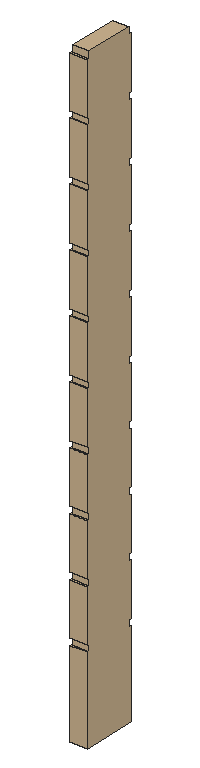
Revit family "GEN_A3-659-MIDDLE-NIBS-PJ", category Columns, Revit 2016
Family settings
  Cut with Voids When Loaded = No
  Automatically joins geometry to walls = Yes
  Shared = No
  Show family pre-cut in plan views = Yes
Parameters (values of type "646-MIDDLE-PJ1")
  STEP = 1200 mm
  NIB WIDTH = 690 mm
  NIB = 230 mm
  Assembly Code = ""
Reference planes
  plane 1 "Center (Front/Back)": y = 20
  plane 2: z = 0
  plane 3 "Center (Left/Right)": x = -20
  plane 4 "Left": x = -250
  plane 5 "Back": y = 250
  plane 6 "Front": y = -440
  plane 7: z = -1200
  plane 8: z = 3060
  plane 9: z = 3825
  plane 10: z = 4590
  plane 11: z = 5355
  plane 12: z = 6120
  plane 13: z = 2295
  plane 14: z = 1530
  plane 15: z = 765
Forms (mm)
  Extrusion 1, solid, material "-WALL"
    sketch origin (0, 0, 0) x (1, 0, 0) y (0, 1, 0)
      loop
        line (-250, -440) -> (-20, -440) -> (-20, 250) -> (-250, 250) -> (-250, -440)
    from -1200 to 6885
  Sweep 2, void
    path origin (0, 0, 0) x (1, 0, 0) y (0, 1, 0)
      loop
        line (-20, 250) -> (-250, 250) -> (-250, -440) -> (-20, -440)
    profile origin (-135, 250, 0) x (0, -1, 0) y (0, 0, 1)
      loop
        line (20, 6035) -> (20, 6120) -> (-30, 6120) -> (-30, 6035) -> (20, 6035)
  Sweep 3, void
    path origin (0, 0, 170) x (1, 0, 0) y (0, 1, 0)
      loop
        line (-20, 250) -> (-250, 250) -> (-250, -440) -> (-20, -440)
    profile origin (-135, 250, 170) x (0, -1, 0) y (0, 0, 1)
      loop
        line (20, 5100) -> (20, 5185) -> (-30, 5185) -> (-30, 5100) -> (20, 5100)
  Sweep 4, void
    path origin (0, 0, -595) x (1, 0, 0) y (0, 1, 0)
      loop
        line (-20, 250) -> (-250, 250) -> (-250, -440) -> (-20, -440)
    profile origin (-135, 250, -595) x (0, -1, 0) y (0, 0, 1)
      loop
        line (20, 5100) -> (20, 5185) -> (-30, 5185) -> (-30, 5100) -> (20, 5100)
  Sweep 5, void
    path origin (0, 0, -1360) x (1, 0, 0) y (0, 1, 0)
      loop
        line (-20, 250) -> (-250, 250) -> (-250, -440) -> (-20, -440)
    profile origin (-135, 250, -1360) x (0, -1, 0) y (0, 0, 1)
      loop
        line (20, 5100) -> (20, 5185) -> (-30, 5185) -> (-30, 5100) -> (20, 5100)
  Sweep 6, void
    path origin (0, 0, -2125) x (1, 0, 0) y (0, 1, 0)
      loop
        line (-20, 250) -> (-250, 250) -> (-250, -440) -> (-20, -440)
    profile origin (-135, 250, -2125) x (0, -1, 0) y (0, 0, 1)
      loop
        line (20, 5100) -> (20, 5185) -> (-30, 5185) -> (-30, 5100) -> (20, 5100)
  Sweep 7, void
    path origin (0, 0, -2890) x (1, 0, 0) y (0, 1, 0)
      loop
        line (-20, 250) -> (-250, 250) -> (-250, -440) -> (-20, -440)
    profile origin (-135, 250, -2890) x (0, -1, 0) y (0, 0, 1)
      loop
        line (20, 5100) -> (20, 5185) -> (-30, 5185) -> (-30, 5100) -> (20, 5100)
  Sweep 8, void
    path origin (0, 0, -3655) x (1, 0, 0) y (0, 1, 0)
      loop
        line (-20, 250) -> (-250, 250) -> (-250, -440) -> (-20, -440)
    profile origin (-135, 250, -3655) x (0, -1, 0) y (0, 0, 1)
      loop
        line (20, 5100) -> (20, 5185) -> (-30, 5185) -> (-30, 5100) -> (20, 5100)
  Sweep 9, void
    path origin (0, 0, -4420) x (1, 0, 0) y (0, 1, 0)
      loop
        line (-20, 250) -> (-250, 250) -> (-250, -440) -> (-20, -440)
    profile origin (-135, 250, -4420) x (0, -1, 0) y (0, 0, 1)
      loop
        line (20, 5100) -> (20, 5185) -> (-30, 5185) -> (-30, 5100) -> (20, 5100)
  Sweep 10, void
    path origin (0, 0, 765) x (1, 0, 0) y (0, 1, 0)
      loop
        line (-20, 250) -> (-250, 250) -> (-250, -440) -> (-20, -440)
    profile origin (-135, 250, 765) x (0, -1, 0) y (0, 0, 1)
      loop
        line (20, 6035) -> (20, 6120) -> (-30, 6120) -> (-30, 6035) -> (20, 6035)
  Sweep 11, void
    path origin (0, 0, -5185) x (1, 0, 0) y (0, 1, 0)
      loop
        line (-20, 250) -> (-250, 250) -> (-250, -440) -> (-20, -440)
    profile origin (-135, 250, -5185) x (0, -1, 0) y (0, 0, 1)
      loop
        line (20, 5100) -> (20, 5185) -> (-30, 5185) -> (-30, 5100) -> (20, 5100)
Cuts and joins
  Sweep 2, Sweep 3, Sweep 4, Sweep 5, Sweep 6, Sweep 7, Sweep 8, Sweep 9, Sweep 10, Sweep 11 cuts Extrusion 1
Dimensions and locks
  "NIB WIDTH": plane 6 "Front" to plane 5 "Back"
  "NIB": plane 4 "Left" to plane 3 "Center (Left/Right)"
  "STEP": plane 7 to level
  level to plane 15 = 765 mm
  plane 15 to plane 14 to plane 13 to plane 8 to plane 9 = 765 mm, 765 mm, 765 mm, 765 mm
  plane 9 to plane 10 to plane 11 to plane 12 to level = 765 mm, 765 mm, 765 mm, 765 mm
  aligned and locked: Extrusion 1 sketch curve to plane 4 "Left"
  aligned and locked: Extrusion 1 sketch curve to plane 5 "Back"
  aligned and locked: Extrusion 1 sketch curve to plane 6 "Front"
  aligned and locked: Extrusion 1 sketch curve to plane 3 "Center (Left/Right)"
  aligned and locked: level to Extrusion 1
  aligned and locked: plane 7 to Extrusion 1
Automatic sketch dimensions
  Sweep 2 sketch curve to plane 4 "Left" = 0 mm
  Sweep 2 sketch curve to plane 3 "Center (Left/Right)" = 0 mm  (x2)
  Sweep 2 sketch curve to plane 6 "Front" = 0 mm
  Sweep 2 sketch curve to plane 5 "Back" = 0 mm
  profile plane to Sweep 2 sketch curve = 30 mm
  Sweep 2 sketch curve to profile plane = 20 mm
  level to Sweep 2 sketch curve = 6035 mm
  Sweep 2 sketch curve to Sweep 2 sketch curve = 85 mm
  Sweep 3 sketch curve to plane 4 "Left" = 0 mm
  Sweep 3 sketch curve to plane 3 "Center (Left/Right)" = 0 mm  (x2)
  Sweep 3 sketch curve to plane 6 "Front" = 0 mm
  Sweep 3 sketch curve to plane 5 "Back" = 0 mm
  profile plane to Sweep 3 sketch curve = 30 mm
  Sweep 3 sketch curve to profile plane = 20 mm
  profile plane to Sweep 3 sketch curve = 5100 mm
  Sweep 3 sketch curve to Sweep 3 sketch curve = 85 mm
  Sweep 4 sketch curve to plane 4 "Left" = 0 mm
  Sweep 4 sketch curve to plane 3 "Center (Left/Right)" = 0 mm  (x2)
  Sweep 4 sketch curve to plane 6 "Front" = 0 mm
  Sweep 4 sketch curve to plane 5 "Back" = 0 mm
  profile plane to Sweep 4 sketch curve = 30 mm
  Sweep 4 sketch curve to profile plane = 20 mm
  profile plane to Sweep 4 sketch curve = 5100 mm
  Sweep 4 sketch curve to Sweep 4 sketch curve = 85 mm
  Sweep 5 sketch curve to plane 4 "Left" = 0 mm
  Sweep 5 sketch curve to plane 3 "Center (Left/Right)" = 0 mm  (x2)
  Sweep 5 sketch curve to plane 6 "Front" = 0 mm
  Sweep 5 sketch curve to plane 5 "Back" = 0 mm
  profile plane to Sweep 5 sketch curve = 30 mm
  Sweep 5 sketch curve to profile plane = 20 mm
  profile plane to Sweep 5 sketch curve = 5100 mm
  Sweep 5 sketch curve to Sweep 5 sketch curve = 85 mm
  Sweep 6 sketch curve to plane 4 "Left" = 0 mm
  Sweep 6 sketch curve to plane 3 "Center (Left/Right)" = 0 mm  (x2)
  Sweep 6 sketch curve to plane 6 "Front" = 0 mm
  Sweep 6 sketch curve to plane 5 "Back" = 0 mm
  profile plane to Sweep 6 sketch curve = 30 mm
  Sweep 6 sketch curve to profile plane = 20 mm
  profile plane to Sweep 6 sketch curve = 5100 mm
  Sweep 6 sketch curve to Sweep 6 sketch curve = 85 mm
  Sweep 7 sketch curve to plane 4 "Left" = 0 mm
  Sweep 7 sketch curve to plane 3 "Center (Left/Right)" = 0 mm  (x2)
  Sweep 7 sketch curve to plane 6 "Front" = 0 mm
  Sweep 7 sketch curve to plane 5 "Back" = 0 mm
  profile plane to Sweep 7 sketch curve = 30 mm
  Sweep 7 sketch curve to profile plane = 20 mm
  profile plane to Sweep 7 sketch curve = 5100 mm
  Sweep 7 sketch curve to Sweep 7 sketch curve = 85 mm
  Sweep 8 sketch curve to plane 4 "Left" = 0 mm
  Sweep 8 sketch curve to plane 3 "Center (Left/Right)" = 0 mm  (x2)
  Sweep 8 sketch curve to plane 6 "Front" = 0 mm
  Sweep 8 sketch curve to plane 5 "Back" = 0 mm
  profile plane to Sweep 8 sketch curve = 30 mm
  Sweep 8 sketch curve to profile plane = 20 mm
  profile plane to Sweep 8 sketch curve = 5100 mm
  Sweep 8 sketch curve to Sweep 8 sketch curve = 85 mm
  Sweep 9 sketch curve to plane 4 "Left" = 0 mm
  Sweep 9 sketch curve to plane 3 "Center (Left/Right)" = 0 mm  (x2)
  Sweep 9 sketch curve to plane 6 "Front" = 0 mm
  Sweep 9 sketch curve to plane 5 "Back" = 0 mm
  profile plane to Sweep 9 sketch curve = 30 mm
  Sweep 9 sketch curve to profile plane = 20 mm
  profile plane to Sweep 9 sketch curve = 5100 mm
  Sweep 9 sketch curve to Sweep 9 sketch curve = 85 mm
  Sweep 10 sketch curve to plane 4 "Left" = 0 mm
  Sweep 10 sketch curve to plane 3 "Center (Left/Right)" = 0 mm  (x2)
  Sweep 10 sketch curve to plane 6 "Front" = 0 mm
  Sweep 10 sketch curve to plane 5 "Back" = 0 mm
  profile plane to Sweep 10 sketch curve = 30 mm
  Sweep 10 sketch curve to profile plane = 20 mm
  profile plane to Sweep 10 sketch curve = 6035 mm
  Sweep 10 sketch curve to Sweep 10 sketch curve = 85 mm
  Sweep 11 sketch curve to plane 4 "Left" = 0 mm
  Sweep 11 sketch curve to plane 3 "Center (Left/Right)" = 0 mm  (x2)
  Sweep 11 sketch curve to plane 6 "Front" = 0 mm
  Sweep 11 sketch curve to plane 5 "Back" = 0 mm
  profile plane to Sweep 11 sketch curve = 30 mm
  Sweep 11 sketch curve to profile plane = 20 mm
  profile plane to Sweep 11 sketch curve = 5100 mm
  Sweep 11 sketch curve to Sweep 11 sketch curve = 85 mm
